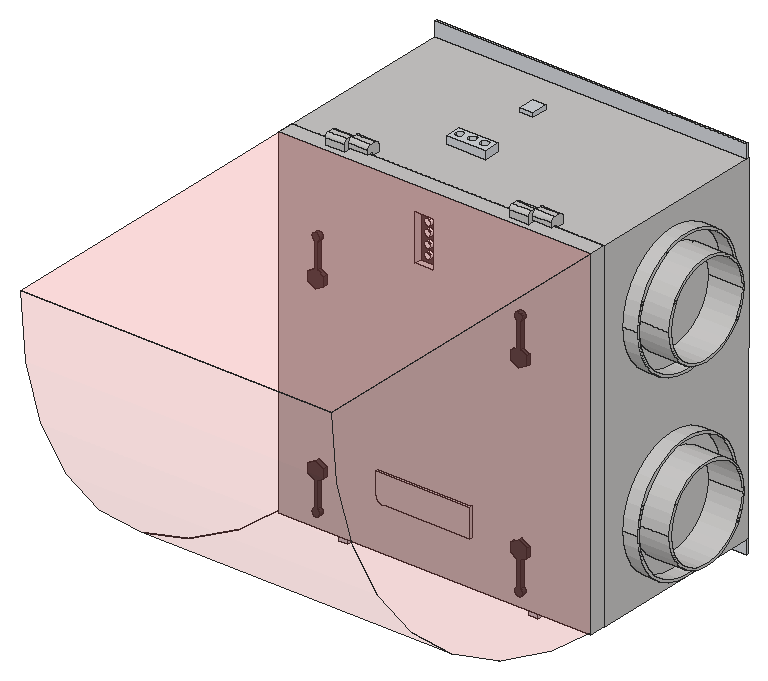
Revit family "EV Prem M_H_MAY22", category Mechanical Equipment, Revit 2019
Family settings
  Round Connector Dimension = Use Diameter
  Part Type = Normal
  Work Plane-Based = No
  Always vertical = Yes
  Cut with Voids When Loaded = No
  Shared = No
  Room Calculation Point = No
Parameters
  Watts = "85"
  Voltage = "120"
  Unit Weight = "36 lbs."
  Unit Dimensions = "22-1/2\" L x 13-3/8\" W x 23-3/4\" H"
  URL = "www.renewaire.com"
  Max. Shipping Dims (in carton) = "32\" L x 22\" W x 18\" H"
  Max Shipping Weight (in carton) = "48 lbs."
  Continuous Operation Airflow = "30-225 CFM"
  Standard Features = "Unit may be mounted in any orientation, Low-voltage circuit for controls, Hard wiring in electrical box, Dial-A-Flow - balance and airflow adjustment, Variable speed, Boost mode, Cross-core differential pressure ports, Gray painted cabinet"
  Service Area Visibility = yes
  Service Area = Renewaire - Interference
  Revit Object Download Link = ""
  Phase = "1"
  Motor(s) = "Qty. 2, 48V DC motorized impeller packages"
  Model = "SL70H"
  Minimum Circuit Amps = "10"
  Maximum Overcurrent Protection = "15"
  Manufacturer = "Renewaire LLC"
  Hertz = "60"
  Filters = "Total qty. 2, MERV 8, spun-polyester media: 7-1/2\" x 10-1/2\" x 1\""
  FLA per Motor = "2"
  Energy Recovery Type = "Static plate, heat and humidity transfer"
  Description = "Energy Recovery Ventilator"
  Controls = "Onboard digital controller with independent variable speeds"
  Cabinet Material [instance] = Renewaire - Galvanized Steel
  Accessories = "Backdraft damper 6\", Wall cap 6\" - white, brown, Digital time clock - wall mount (TC7D-W), in exterior enclosure (TC7D-E), Carbon dioxide sensor/control - wall mount (CO2-W), IAQ sensor - wall mount (IAQ-W), Motion occupancy sensor/control - ceiling mount (MC-C), wall mount (MC-W), Percentage timer control (PTL), Percentage timer control with furnace interlock (FM), Push-button point-of-use controls (PBL), PTL req'd., MERV 13 Filter - OA airstream, Wall bracket kit, Electric duct heater - RH series (1-4 kW); designed for indoor ductwork installation only"
Reference planes (in)
  plane 1 "Center (Front/Back)": y = 3.2476
  plane 2: z = 0
  plane 3 "Center (Left/Right)": x = 0
Forms (in)
  Extrusion 1, solid, material "Renewaire - Galvanized Steel" <- "Cabinet Material"
    sketch origin (0, 0, -0.00252) x (0, 1, 0) y (0, 0, 1)
      loop
        line (3.50113, 9.5) -> (-8.0024, 9.5) -> (-8.0024, -12.375) -> (3.50113, -12.375) -> (3.50113, 9.5)
    from -8.56314 to 11.43501
  Extrusion 2, solid, material "Renewaire - Galvanized Steel" <- "Cabinet Material"
    sketch origin (0, 0, 0) x (0, 1, 0) y (0, 0, 1)
      loop
        line (-9.1154, 9.5) -> (-9.1154, -12.375) -> (-8.0874, -12.375) -> (-8.0874, 9.5) -> (-9.1154, 9.5)
    from -8.56314 to 11.43501
  Extrusion 3, solid, material "Renewaire - Galvanized Steel" <- "Cabinet Material"
    sketch origin (2.5, 0, -0.00252) x (0, 1, 0) y (0, 0, 1)
      loop
        line (-7.55507, 9.5) -> (-7.55507, 9.91)
        arc (-7.55507, 9.91) -> (-7.62829, 10.08678) -> (-7.80507, 10.16) r 0.25
        line (-7.80507, 10.16) -> (-8.1494, 10.16)
        arc (-8.1494, 10.16) -> (-8.32618, 10.08678) -> (-8.3994, 9.91) r 0.25
        line (-8.3994, 9.91) -> (-8.3994, 9.64844) -> (-7.99845, 9.64844) -> (-7.99845, 9.5) -> (-7.55507, 9.5)
    from -7.16504 to -5.94508
  Extrusion 4, solid, material "Renewaire - Galvanized Steel" <- "Cabinet Material"
    sketch origin (0, 0, 0) x (0, 1, 0) y (0, 0, 1)
      loop
        line (-7.55507, 9.5) -> (-7.55507, 9.91)
        arc (-7.55507, 9.91) -> (-7.62829, 10.08678) -> (-7.80507, 10.16) r 0.25
        line (-7.80507, 10.16) -> (-8.1494, 10.16)
        arc (-8.1494, 10.16) -> (-8.32618, 10.08678) -> (-8.3994, 9.91) r 0.25
        line (-8.3994, 9.91) -> (-8.3994, 9.64844) -> (-7.99845, 9.64844) -> (-7.99845, 9.5) -> (-7.55507, 9.5)
    from 7.14498 to 8.36494
  Extrusion 5, solid, material "Renewaire - Galvanized Steel" <- "Cabinet Material"
    sketch origin (2.5, -16.24093, -0.00252) x (0, -1, 0) y (0, 0, -1)
      loop
        line (-7.55507, -9.5) -> (-7.99845, -9.5) -> (-7.99845, -9.64844) -> (-8.3994, -9.64844) -> (-8.3994, -9.91)
        arc (-8.3994, -9.91) -> (-8.32618, -10.08678) -> (-8.1494, -10.16) r 0.25
        line (-8.1494, -10.16) -> (-7.80507, -10.16)
        arc (-7.80507, -10.16) -> (-7.62829, -10.08678) -> (-7.55507, -9.91) r 0.25
        line (-7.55507, -9.91) -> (-7.55507, -9.5)
    from -8.435 to -7.21504
  Extrusion 6, solid, material "Renewaire - Galvanized Steel" <- "Cabinet Material"
    sketch origin (0, -16.24093, 0) x (0, -1, 0) y (0, 0, -1)
      loop
        line (-7.55507, -9.5) -> (-7.99845, -9.5) -> (-7.99845, -9.64844) -> (-8.3994, -9.64844) -> (-8.3994, -9.91)
        arc (-8.3994, -9.91) -> (-8.32618, -10.08678) -> (-8.1494, -10.16) r 0.25
        line (-8.1494, -10.16) -> (-7.80507, -10.16)
        arc (-7.80507, -10.16) -> (-7.62829, -10.08678) -> (-7.55507, -9.91) r 0.25
        line (-7.55507, -9.91) -> (-7.55507, -9.5)
    from 5.87502 to 7.09498
  Extrusion 7, solid
    sketch origin (2.87556, 0, -2.87499) x (0, 1, 0) y (0, 0, 1)
      loop
        line (-6.34251, -9.5) -> (-8.86571, -9.5) -> (-8.86571, -9.95328) -> (-6.34251, -9.95328) -> (-6.34251, -9.5)
    from -7.84693 to -7.25293
  Extrusion 8, solid
    sketch origin (0, 0, -2.87499) x (0, 1, 0) y (0, 0, 1)
      loop
        line (-6.34251, -9.5) -> (-8.86571, -9.5) -> (-8.86571, -9.95328) -> (-6.34251, -9.95328) -> (-6.34251, -9.5)
    from 7.25293 to 7.84693
  Extrusion 9, solid, material "Renewaire - Galvanized Steel" <- "Cabinet Material"
    sketch origin (2.87186, 1.81353, -2.134) x (0, 1, 0) y (0, 0, 1)
      loop
        circle (-4.4374, -5.366) r 2.875
      loop
        circle (-4.4374, -5.366) r 3
    from -13.65355 to -11.435
  Extrusion 10, solid, material "Renewaire - Galvanized Steel" <- "Cabinet Material"
    sketch origin (2.87186, 1.81353, 9.616) x (0, 1, 0) y (0, 0, 1)
      loop
        circle (-4.4374, -5.366) r 2.875
      loop
        circle (-4.4374, -5.366) r 3
    from -13.65355 to -11.435
  Extrusion 11, solid, material "Renewaire - Galvanized Steel" <- "Cabinet Material"
    sketch origin (2.87186, 1.81353, -2.134) x (0, 1, 0) y (0, 0, 1)
      loop
        circle (-4.4374, -5.366) r 3.875
      loop
        circle (-4.4374, -5.366) r 4
    from -12.43355 to -11.435
  Extrusion 12, solid, material "Renewaire - Galvanized Steel" <- "Cabinet Material"
    sketch origin (2.87186, 1.81353, 9.616) x (0, 1, 0) y (0, 0, 1)
      loop
        circle (-4.4374, -5.366) r 3.875
      loop
        circle (-4.4374, -5.366) r 4
    from -12.43355 to -11.435
  Extrusion 13, solid, material "Renewaire - Galvanized Steel" <- "Cabinet Material"
    sketch origin (0, 1.81353, -2.134) x (0, 1, 0) y (0, 0, -1)
      loop
        circle (-4.4374, 5.366) r 2.875
      loop
        circle (-4.4374, 5.366) r 3
    from -13.65355 to -11.435
  Extrusion 14, solid, material "Renewaire - Galvanized Steel" <- "Cabinet Material"
    sketch origin (0, 1.81353, 9.616) x (0, 1, 0) y (0, 0, -1)
      loop
        circle (-4.4374, 5.366) r 2.875
      loop
        circle (-4.4374, 5.366) r 3
    from -13.65355 to -11.435
  Extrusion 15, solid, material "Renewaire - Galvanized Steel" <- "Cabinet Material"
    sketch origin (0, 1.81353, -2.134) x (0, 1, 0) y (0, 0, -1)
      loop
        circle (-4.4374, 5.366) r 3.875
      loop
        circle (-4.4374, 5.366) r 4
    from -12.43355 to -11.435
  Extrusion 16, solid, material "Renewaire - Galvanized Steel" <- "Cabinet Material"
    sketch origin (0, 1.81353, 9.616) x (0, 1, 0) y (0, 0, -1)
      loop
        circle (-4.4374, 5.366) r 3.875
      loop
        circle (-4.4374, 5.366) r 4
    from -12.43355 to -11.435
  Extrusion 17, solid, material "Renewaire - Galvanized Steel" <- "Cabinet Material"
    sketch origin (0.785, 0, 0.9708) x (0, 0, -1) y (1, 0, 0)
      loop
        line (10.435, 3) -> (8.635, 3) -> (8.635, -3) -> (9.935, -3)
        arc (9.935, -3) -> (10.28855, -2.85355) -> (10.435, -2.5) r 0.5
        line (10.435, -2.5) -> (10.435, 3)
    from 9.1154 to 9.3054
  Extrusion 18, solid, material "MonitorPorts"
    sketch origin (16.44097, -9.1154, -33.04468) x (1, 0, 0) y (0, 0, 1)
      loop
        line (-9.53348, 35.65895) -> (-9.94097, 35.42369) -> (-9.94097, 34.83769) -> (-9.43348, 34.54469) -> (-8.92599, 34.83769) -> (-8.92599, 35.42369) -> (-9.33348, 35.65895) -> (-9.33348, 37.28756)
        arc (-9.33348, 37.28756) -> (-9.43348, 37.76669) -> (-9.53348, 37.28756) r 0.25
        line (-9.53348, 37.28756) -> (-9.53348, 35.65895)
    from 0 to 0.25
  Extrusion 19, solid, material "MonitorPorts"
    sketch origin (3.44097, -9.1154, -33.04468) x (1, 0, 0) y (0, 0, 1)
      loop
        line (-9.53348, 35.65895) -> (-9.94097, 35.42369) -> (-9.94097, 34.83769) -> (-9.43348, 34.54469) -> (-8.92599, 34.83769) -> (-8.92599, 35.42369) -> (-9.33348, 35.65895) -> (-9.33348, 37.28756)
        arc (-9.33348, 37.28756) -> (-9.43348, 37.76669) -> (-9.53348, 37.28756) r 0.25
        line (-9.53348, 37.28756) -> (-9.53348, 35.65895)
    from 0 to 0.25
  Extrusion 20, solid, material "MonitorPorts"
    sketch origin (16.44097, -9.1154, 26.16969) x (1, 0, 0) y (0, 0, 1)
      loop
        line (-9.53348, -35.65895) -> (-9.53348, -37.28756)
        arc (-9.53348, -37.28756) -> (-9.43348, -37.76669) -> (-9.33348, -37.28756) r 0.25
        line (-9.33348, -37.28756) -> (-9.33348, -35.65895) -> (-8.92599, -35.42369) -> (-8.92599, -34.83769) -> (-9.43348, -34.54469) -> (-9.94097, -34.83769) -> (-9.94097, -35.42369) -> (-9.53348, -35.65895)
    from 0 to 0.25
  Extrusion 21, solid, material "MonitorPorts"
    sketch origin (3.44097, -9.1154, 26.16969) x (1, 0, 0) y (0, 0, 1)
      loop
        line (-9.53348, -35.65895) -> (-9.53348, -37.28756)
        arc (-9.53348, -37.28756) -> (-9.43348, -37.76669) -> (-9.33348, -37.28756) r 0.25
        line (-9.33348, -37.28756) -> (-9.33348, -35.65895) -> (-8.92599, -35.42369) -> (-8.92599, -34.83769) -> (-9.43348, -34.54469) -> (-9.94097, -34.83769) -> (-9.94097, -35.42369) -> (-9.53348, -35.65895)
    from 0 to 0.25
  Extrusion 22, void
    sketch origin (0.48, -0.0024, -1.02) x (0, 0, -1) y (1, 0, 0)
      loop
        line (-9.02, 0.875) -> (-9.02, -0.375) -> (-6.02, -0.375) -> (-6.02, 0.875) -> (-9.02, 0.875)
    from 8.60802 to 12
  Extrusion 23, solid, material "Renewaire - White"
    sketch origin (0.48, -0.0024, -1.02) x (0, 0, -1) y (1, 0, 0)
      loop
        circle (-6.55255, 0.28297) r 0.188
      loop
        circle (-7.18095, 0.28297) r 0.188
      loop
        circle (-7.86254, 0.28297) r 0.188
      loop
        circle (-8.48301, 0.28297) r 0.188
    from 8.60802 to 8.84227
  Extrusion 24, solid
    sketch origin (0, -10.99647, 0) x (0, 1, 0) y (0, 0, 1)
      loop
        line (14.4976, 9.5) -> (14.4976, 10.37752) -> (14.3742, 10.37752) -> (14.3742, 9.5) -> (14.4976, 9.5)
    from -8.56314 to 11.435
  Extrusion 25, solid
    sketch origin (0, -10.99647, -22.75252) x (0, 1, 0) y (0, 0, 1)
      loop
        line (14.4976, 9.5) -> (14.4976, 10.37752) -> (14.3742, 10.37752) -> (14.3742, 9.5) -> (14.4976, 9.5)
    from -8.56314 to 11.435
  Extrusion 26, solid
    sketch origin (-1.20873, -1.238, 0) x (0, 1, 0) y (0, 0, 1)
      loop
        line (2.2476, 9.49749) -> (2.2476, 9.74749) -> (1.2476, 9.74749) -> (1.2476, 9.49749) -> (2.2476, 9.49749)
    from 0.78881 to 1.62865
  Extrusion 27, solid
    sketch origin (8.54498, -12.61788, -1.52546) x (1, 0, 0) y (0, 1, 0)
      loop
        line (-9.78927, 8.7596) -> (-9.78927, 7.7596) -> (-7.28927, 7.7596) -> (-7.28927, 8.7596) -> (-9.78927, 8.7596)
      loop
        circle (-9.34598, 8.27944) r 0.25
      loop
        circle (-8.54498, 8.312) r 0.25
      loop
        circle (-7.78103, 8.31997) r 0.25
    from 11.02546 to 11.52546
  Extrusion 28, solid
    sketch origin (5.99751, -1.5024, -12.20022) x (0, 1, 0) y (0, 0, 1)
      loop
        line (-6.5, 21.69771) -> (-28.375, 21.69771)
        arc (-28.375, 21.69771) -> (-21.96796, 6.22975) -> (-6.5, -0.17729) r 21.875
        line (-6.5, -0.17729) -> (-6.5, 21.69771)
    from 5.4375 to -14.56065
Cuts and joins
  Extrusion 22 cuts Extrusion 1
  Extrusion 22 cuts Extrusion 2
Lines and regions (in)
  model lines, style "MechanicalEquipmentHiddenLines"
    curve 1: line (0, 0.25113, 4.25) -> (0, -0.0024, 4.25)
Dimensions and locks (in)
  cut or joined group of Extrusion 2, Extrusion 22 to plane 3 "Center (Left/Right)" = 0' - 8.56314"
  aligned and locked: plane 2 to level
  aligned and locked: cut or joined group of Extrusion 2, Extrusion 22 to Extrusion 1
Connectors (in)
  hvac at (13.65355, -2.62387, 4.25)
    settings: on Extrusion 14, index 1, duct flow 0 CFM, flow factor 0, pres drop 0.00 in-wg, loss coef 0, conn angle 0.00°, conn width 12", conn height 12", conn diameter 6", duct sys type 1, conn prof type 0, flow config 0, flow direction 2, loss method 0, conn ref index -1, conn util no, is conn primary yes, conn desc "Supply Air (SA)"
  hvac at (13.65355, -2.62387, -7.5)
    settings: on Extrusion 13, index 2, duct flow 0 CFM, flow factor 0, pres drop 0.00 in-wg, loss coef 0, conn angle 0.00°, conn width 12", conn height 12", conn diameter 6", duct sys type 2, conn prof type 0, flow config 0, flow direction 1, loss method 0, conn ref index -1, conn util no, is conn primary no, conn desc "Return Air (RA)"
  hvac at (-10.78169, -2.62387, 4.25)
    settings: on Extrusion 10, index 4, duct flow 0 CFM, flow factor 0, pres drop 0.00 in-wg, loss coef 0, conn angle 0.00°, conn width 12", conn height 12", conn diameter 6", duct sys type 3, conn prof type 0, flow config 0, flow direction 2, loss method 0, conn ref index -1, conn util no, is conn primary no, conn desc "Exhaust Air (EA)"
  hvac at (13.65355, -2.62387, -7.5)
    settings: on Extrusion 13, index 6, duct flow 0 CFM, flow factor 0, pres drop 0.00 in-wg, loss coef 0, conn angle 0.00°, conn width 12", conn height 12", conn diameter 6", duct sys type 2, conn prof type 0, flow config 0, flow direction 1, loss method 0, conn ref index -1, conn util no, is conn primary no, conn desc ""
  electrical at (0, 0.5096, 9.74749)
    settings: on Extrusion 26, index 7, voltage 0 V, apparent load 0 VA, apparent load phase1 0 VA, apparent load phase2 0 VA, apparent load phase3 0 VA, power factor 1, load classification "Other", number of poles 1, system type 31, power factor state 1, is connector primary yes, connector utility no, sub classification motor no, connector description ""
